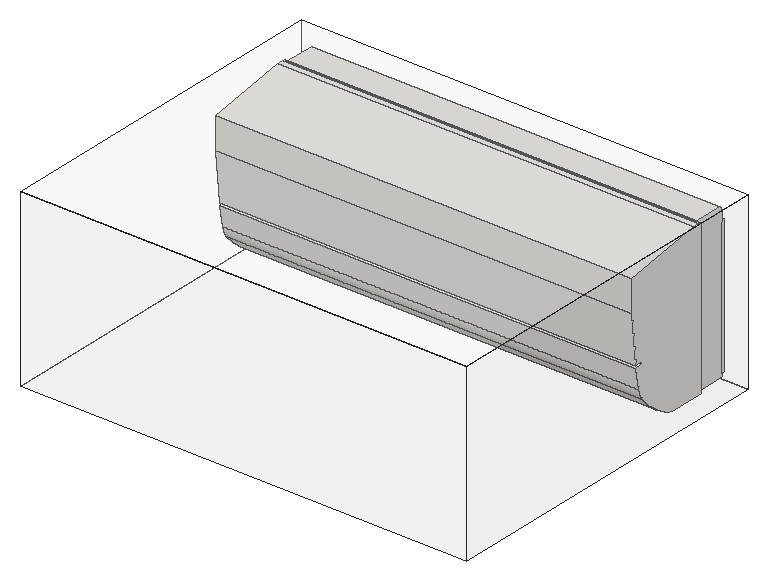
Revit family "msz-gv22_5626_60hz", category 機械設備, Revit 2023
Family settings
  丸型コネクタ寸法 = 直径を使用
  パーツ タイプ = 標準
  OmniClass 番号 = 23.75.10.24.21.27.27
  OmniClass タイトル = Split System Air Conditioning Units
  作業面ベース = いいえ
  常に垂直 = はい
  ロード時にボイドで切り取り = いいえ
  注釈の向きを維持 = いいえ
  共有 = いいえ
  部屋計算ポイント = いいえ
Parameters (values of type "MSZ-GV2226-T-IN")
  風量 = MAX風量  # 635.0 m³/h
  音響パワーレベル(dB) = if([運転音(強冷房)  db] > [運転音(強暖房)  db], [運転音(強冷房)  db], [運転音(強暖房)  db])  # 64
  電源種別 = ""
  電圧_電気ヒーター = 0 V
  電圧 = 100 V
  電動機出力_送風機 = 28.00 W
  運転音(強暖房)  db = 64
  運転音(強冷房)  db = 62
  運転音(弱暖房)  db = 43
  運転音(静冷房)  db = 41
  運転音(弱冷房)  db = 43
  運転音(中暖房)  db = 50
  運転音(中冷房)  db = 51
  運転質量 = 0.00 kg
  連動 = ""
  質量 = if(製品質量 > 運転質量, 製品質量, 運転質量) * 1.2  # 9.60 kg
  負荷分類 = 1 熱源類
  説明 = "ルームエアコン(霧ヶ峰) GVシリーズ　室内ユニット"
  設計暖房能力 [instance] = 0.00 kW
  設計冷房能力_顕熱 [instance] = 0 kW
  設計冷房能力 [instance] = 0 kW
  設置方法 = "壁掛形"
  記号 [instance] = ""
  製造元 = "三菱電機株式会社"
  製品質量 = 8.00 kg
  製品出荷対象 = "国内"
  製品リリース年月 = "2026/02/13"
  製品グループ = ""
  系統 [instance] = ""
  符号 = "ACR-WR"
  積算_科目 = "1 空気調和設備"
  積算_拾い区分 [instance] = ""
  相_電気ヒーター = 1
  相 = 1
  盤記号 [instance] = ""
  発停方法 = "付属リモコン"
  特殊仕様 [instance] = ""
  火災停止 = ""
  消費電力_暖房 = 470.00 W
  消費電力_冷房 = 655.00 W
  消費電力 = 655.00 W
  法定耐用年数 = "6"
  構成品番 = ""
  極数 = 3
  材質 = ""
  本体マテリアル = Paint(Ivory)
  暖房能力 = 2.20 kW
  暖房 風量 = 635.0 m³/h
  既定の高さ = 0 mm
  形式 = "壁掛（露出）形"
  幹線記号 = ""
  始動方式 = "インバータ"
  呼称 = "パッケージ形空気調和機_室内機"
  周波数 = 60 Hz
  台数_手元リモコン = ""
  参照している仕様書等のバージョン = "公共建築物標準仕様書（機械設備工事編）平成31年度版"
  加湿給水管径 = 0.00 mm
  分類コード = "50053004203070"
  分類グループ = "設備"
  冷房能力 = 2.2 kW
  冷房 風量 = 635.0 m³/h
  冷媒高低圧ガス管径 = 0.00 mm
  冷媒管径符号 = "Ab"
  冷媒管径 = 100.00 mm
  冷媒液管高さ = 126 mm
  冷媒液管長さ = 85 mm
  冷媒液管径 = 6.35 mm
  冷媒ガス管高さ = 126 mm
  冷媒ガス管長さ = 86 mm
  冷媒ガス管径 = 9.52 mm
  企業コード = "108420"
  付属品 [instance] = ""
  モデル = "MSZ-GV2226-T-IN"
  ドレン管高さ = 190 mm
  ドレン管径 = 16.00 mm
  サービススペース = yes
  コメント [instance] = ""
  【値が 0 の項目は組合せ形名にてご確認ください】 = ""
  Width = 799 mm
  Version = ""
  Uniclass2015Version = "Systems v1.9"
  Uniclass2015Title = "Split coil remote air cooled condensing units"
  Uniclass2015Code = "Pr_70_65_03_84"
  URL = "https://www.mitsubishielectric.co.jp/ldg/wink/ssl/displayProduct.do?pid=355239&ccd=1040101411"
  SpecificationReference = ""
  SpecificationDescription = ""
  Revision = ""
  ProductInformation = ""
  OmniClassCode = "23-33 17 13 11"
  MAX風量 = 635.0 m³/h
  IfcTypeProduct = ""
  IfcProduct = ""
  IfcExportType = "AIRCONDITIONINGUNIT"
  IfcExportAs = "IfcUnitaryEquipmentType"
  Height = 295 mm
  Depth = 225 mm
  Clearance Top = 33 mm
  Clearance Right = 40 mm
  Clearance Left = 20 mm
  Clearance Front = 445 mm
  Clearance Bottom = 7 mm
  Clearance Back = 0 mm
  BLCJ仕様バージョン = "2.0"
  Author = "三菱電機株式会社"
Types (13, lengths in mm): name | 風量 | 音響パワーレベル(dB) | 電圧 | 電動機出力_送風機 | 運転音(強暖房)  db | 運転音(強冷房)  db | 運転音(弱暖房)  db | 運転音(静冷房)  db | 運転音(弱冷房)  db | 運転音(中暖房)  db | 運転音(中冷房)  db | 質量 | 製品質量 | 消費電力_暖房 | 消費電力_冷房 | 消費電力 | 本体マテリアル | 暖房能力 | 暖房 風量 | 冷房能力 | 冷房 風量 | モデル | URL | MAX風量 | Clearance Front
  (no name) | 635.0 m³/h | 64 | 100 V | 28.00 W | 64 | 62 | 43 | 41 | 43 | 50 | 51 | 9.60 kg | 8.00 kg | 470.00 W | 655.00 W | 655.00 W | Paint(Ivory) | 2.20 kW | 635.0 m³/h | 2.2 kW | 635.0 m³/h | "MSZ-GV2226-T-IN" | "https://www.mitsubishielectric.co.jp/ldg/wink/ssl/displayProduct.do?pid=355239&ccd=1040101411" | 635.0 m³/h | 445
  MSZ-GV2226-W-IN | 635.0 m³/h | 64 | 100 V | 28.00 W | 64 | 62 | 43 | 41 | 43 | 50 | 51 | 9.60 kg | 8.00 kg | 470.00 W | 655.00 W | 655.00 W | none | 2.20 kW | 635.0 m³/h | 2.2 kW | 635.0 m³/h | "MSZ-GV2226-W-IN" | "https://www.mitsubishielectric.co.jp/ldg/wink/ssl/displayProduct.do?pid=355236&ccd=1040101411" | 635.0 m³/h | 445
  MSZ-GV2526-W-IN | 655.0 m³/h | 64 | 100 V | 28.00 W | 64 | 63 | 43 | 41 | 43 | 50 | 51 | 10.80 kg | 9.00 kg | 625.00 W | 745.00 W | 745.00 W | none | 2.80 kW | 655.0 m³/h | 2.5 kW | 635.0 m³/h | "MSZ-GV2526-W-IN" | "https://www.mitsubishielectric.co.jp/ldg/wink/ssl/displayProduct.do?pid=355241&ccd=1040101411" | 655.0 m³/h | 445
  MSZ-GV2826-W-IN | 665.0 m³/h | 64 | 100 V | 28.00 W | 64 | 63 | 43 | 41 | 43 | 50 | 51 | 10.80 kg | 9.00 kg | 910.00 W | 800.00 W | 910.00 W | none | 3.60 kW | 650.0 m³/h | 2.8 kW | 665.0 m³/h | "MSZ-GV2826-W-IN" | "https://www.mitsubishielectric.co.jp/ldg/wink/ssl/displayProduct.do?pid=355246&ccd=1040101411" | 665.0 m³/h | 445
  MSZ-GV3626-W-IN | 670.0 m³/h | 64 | 100 V | 28.00 W | 64 | 64 | 47 | 41 | 47 | 53 | 54 | 10.80 kg | 9.00 kg | 1215.00 W | 1415.00 W | 1415.00 W | none | 4.20 kW | 660.0 m³/h | 3.6 kW | 670.0 m³/h | "MSZ-GV3626-W-IN" | "https://www.mitsubishielectric.co.jp/ldg/wink/ssl/displayProduct.do?pid=355251&ccd=1040101411" | 670.0 m³/h | 445
  MSZ-GV4026S-W-IN | 670.0 m³/h | 66 | 200 V | 40.00 W | 65 | 66 | 47 | 44 | 47 | 54 | 54 | 10.80 kg | 9.00 kg | 1480.00 W | 1660.00 W | 1660.00 W | none | 5.00 kW | 660.0 m³/h | 4 kW | 670.0 m³/h | "MSZ-GV4026S-W-IN" | "https://www.mitsubishielectric.co.jp/ldg/wink/ssl/displayProduct.do?pid=355256&ccd=1040101411" | 670.0 m³/h | 445
  MSZ-GV5626S-W-IN | 785.0 m³/h | 67 | 200 V | 40.00 W | 67 | 66 | 47 | 45 | 47 | 54 | 54 | 10.80 kg | 9.00 kg | 1980.00 W | 2380.00 W | 2380.00 W | none | 6.70 kW | 725.0 m³/h | 5.6 kW | 785.0 m³/h | "MSZ-GV5626S-W-IN" | "https://www.mitsubishielectric.co.jp/ldg/wink/ssl/displayProduct.do?pid=355261&ccd=1040101411" | 785.0 m³/h | 215
  MSZ-GV2226-T-IN | 635.0 m³/h | 64 | 100 V | 28.00 W | 64 | 62 | 43 | 41 | 43 | 50 | 51 | 9.60 kg | 8.00 kg | 470.00 W | 655.00 W | 655.00 W | Paint(Ivory) | 2.20 kW | 635.0 m³/h | 2.2 kW | 635.0 m³/h | "MSZ-GV2226-T-IN" | "https://www.mitsubishielectric.co.jp/ldg/wink/ssl/displayProduct.do?pid=355239&ccd=1040101411" | 635.0 m³/h | 445
  MSZ-GV2526-T-IN | 655.0 m³/h | 64 | 100 V | 28.00 W | 64 | 63 | 43 | 41 | 43 | 50 | 51 | 10.80 kg | 9.00 kg | 625.00 W | 745.00 W | 745.00 W | none | 2.80 kW | 655.0 m³/h | 2.5 kW | 635.0 m³/h | "MSZ-GV2526-T-IN" | "https://www.mitsubishielectric.co.jp/ldg/wink/ssl/displayProduct.do?pid=355244&ccd=1040101411" | 655.0 m³/h | 445
  MSZ-GV2826-T-IN | 665.0 m³/h | 64 | 100 V | 28.00 W | 64 | 63 | 43 | 41 | 43 | 50 | 51 | 10.80 kg | 9.00 kg | 910.00 W | 800.00 W | 910.00 W | none | 3.60 kW | 650.0 m³/h | 2.8 kW | 665.0 m³/h | "MSZ-GV2826-T-IN" | "https://www.mitsubishielectric.co.jp/ldg/wink/ssl/displayProduct.do?pid=355249&ccd=1040101411" | 665.0 m³/h | 445
  MSZ-GV3626-T-IN | 670.0 m³/h | 64 | 100 V | 28.00 W | 64 | 64 | 47 | 41 | 47 | 53 | 54 | 10.80 kg | 9.00 kg | 1215.00 W | 1415.00 W | 1415.00 W | none | 4.20 kW | 660.0 m³/h | 3.6 kW | 670.0 m³/h | "MSZ-GV3626-T-IN" | "https://www.mitsubishielectric.co.jp/ldg/wink/ssl/displayProduct.do?pid=355254&ccd=1040101411" | 670.0 m³/h | 445
  MSZ-GV4026S-T-IN | 670.0 m³/h | 66 | 200 V | 40.00 W | 65 | 66 | 47 | 44 | 47 | 54 | 54 | 10.80 kg | 9.00 kg | 1480.00 W | 1660.00 W | 1660.00 W | none | 5.00 kW | 660.0 m³/h | 4 kW | 670.0 m³/h | "MSZ-GV4026S-T-IN" | "https://www.mitsubishielectric.co.jp/ldg/wink/ssl/displayProduct.do?pid=355259&ccd=1040101411" | 670.0 m³/h | 445
  MSZ-GV5626S-T-IN | 785.0 m³/h | 67 | 200 V | 40.00 W | 67 | 66 | 47 | 45 | 47 | 54 | 54 | 10.80 kg | 9.00 kg | 1980.00 W | 2380.00 W | 2380.00 W | none | 6.70 kW | 725.0 m³/h | 5.6 kW | 785.0 m³/h | "MSZ-GV5626S-T-IN" | "https://www.mitsubishielectric.co.jp/ldg/wink/ssl/displayProduct.do?pid=355264&ccd=1040101411" | 785.0 m³/h | 215
Reference planes
  plane 1 "中心(正面/背面)": y = 222.5
  plane 2: z = 0
  plane 3 "中心(左/右)": x = 0
  plane 4: z = 295
  plane 5: y = 340
  plane 6: y = 110
  plane 7: x = -399.5
  plane 8: x = 399.5
  plane 9: x = -419.5
  plane 10: x = 439.5
  plane 11: y = 340
  plane 12: y = -335
  plane 13: z = 328
  plane 14: z = -7
  plane 15: y = 335
  plane 16: x = 400.5
  plane 17: x = 300
Lines and regions (mm)
  Masking region 1, detail levels coarse+medium
    outline origin (0, 0, 0) x (1, 0, 0) y (0, 1, 0)
      loop
        line (-399.5, 340) -> (-399.5, 110) -> (399.5, 110) -> (399.5, 340) -> (-399.5, 340)
  symbolic lines, detail levels coarse+medium
    curve 1: line (-399.5, 340, 0) -> (399.5, 340, 0)
    curve 2: line (-399.5, 110, 0) -> (-399.5, 340, 0)
    curve 3: line (399.5, 110, 0) -> (-399.5, 110, 0)
    curve 4: line (399.5, 340, 0) -> (399.5, 110, 0)
Dimensions and locks
  equal spacing: plane 7, plane 3 "中心(左/右)", plane 8
  "Width": plane 7 to plane 8
  "Clearance Back": plane 5 to plane 11
  "Clearance Front": plane 12 to plane 6
  "Clearance Right": plane 8 to plane 10
  "Clearance Left": plane 9 to plane 7
  "Height": plane 4 to level
  "Clearance Bottom": level to plane 14
  "Clearance Top": plane 13 to plane 4
  locked: plane 15 to plane 5 at 5
  equal spacing: plane 6, plane 1 "中心(正面/背面)", plane 15
  "Depth": plane 6 to plane 15
  locked: plane 8 to plane 16 at 1
  plane 12 to plane 11 = 675 mm
  aligned and locked: level to plane 2
  aligned and locked: plane 9 to nested 1
  aligned and locked: plane 10 to nested 1
  aligned and locked: plane 12 to nested 1
  aligned and locked: plane 11 to nested 1
  aligned and locked: plane 13 to nested 1
  aligned and locked: plane 3 "中心(左/右)" to nested 2
  aligned and locked: plane 14 to nested 1
  aligned and locked: plane 5 to nested 2
  aligned and locked: Masking region 1 sketch curve to plane 8
  aligned and locked: plane 7 to Masking region 1 sketch curve
  aligned and locked: plane 5 to Masking region 1 sketch curve
  aligned and locked: Masking region 1 sketch curve to plane 6
  aligned and locked: curve 4 to plane 8
  aligned and locked: plane 7 to curve 2
  aligned and locked: curve 3 to plane 6
  aligned and locked: plane 5 to curve 1
Nested families
  nested 1: "サービススペース_MSZ-GV22-5623" at (10, 2.5, 160.5), visible <- "サービススペース", type "サービススペース_MSZ-GV22-5623"
    with Width 859 mm, Height 335 mm, Depth 675 mm
  nested 2: "MSZ-GV○○-○○-IN" at (0, 340, 0), type "MSZ-GV○○-○○-IN"
Connectors
  piping at (300, 340, 55), diameter 100, driven by "冷媒管径", driven by "冷媒管径符号"
    settings: on nested 2, index 1, connector inside diameter 609.60 mm, connector length 0 mm, flow factor 0, pipe flow 0.0 L/s, pressure drop 0.0 Pa, fitting loss kfactor 0, connector angle 0.00°, fixture units 0, engagement length 0 mm, angle of deflection 0.00°, flow configuration 1, flow direction 2, fitting loss method 4, system type 7, joint type 0, gender type 0, connector reference index -1, connector utility 0, adjustable connector no, is connector primary yes, connector description "Ab"
  piping at (300, 340, 25), diameter 16, driven by "ドレン管径"
    settings: on nested 2, index 2, connector inside diameter 609.60 mm, connector length 0 mm, flow factor 0, pipe flow 0.0 L/s, pressure drop 0.0 Pa, fitting loss kfactor 0, connector angle 0.00°, fixture units 0, engagement length 0 mm, angle of deflection 0.00°, flow configuration 1, flow direction 2, fitting loss method 4, system type 16, joint type 0, gender type 0, connector reference index -1, connector utility 0, adjustable connector no, is connector primary no, connector description ""
  electrical at (350, 170, 215), driven by "極数", driven by "負荷分類", driven by "電圧", driven by "消費電力"
    settings: on nested 2, index 5, voltage 100 V, apparent load 655 VA, apparent load phase1 0 VA, apparent load phase2 0 VA, apparent load phase3 0 VA, power factor 1, load classification "1 熱源類", number of poles 3, system type 30, power factor state 1, is connector primary yes, connector utility no, sub classification motor no, connector description ""
Definition of nested family "サービススペース_MSZ-GV22-5623"
  Parameters (values of type "サービススペース")
    Default Elevation = 0 mm
    Width [instance] = 500 mm
    Height [instance] = 500 mm
    Depth [instance] = 500 mm
  Reference planes
    plane 1 "中心(正面/背面)": y = 0
    plane 2: z = 0
    plane 3 "中心(左/右)": x = 0
    plane 4: y = -250
    plane 5: x = 250
    plane 6: y = 250
    plane 7: x = -250
    plane 8: z = 250
    plane 9: z = -250
  Forms (mm)
    Extrusion 1, solid
      sketch origin (-638.939, 0, 72.39) x (1, 0, 0) y (0, 1, 0)
        loop
          line (388.939, 250) -> (388.939, -250) -> (888.939, -250) -> (888.939, 250) -> (388.939, 250)
      from -322.39 to 177.61
  Lines and regions (mm)
    symbolic lines
      curve 1: line (-250, 0, 250) -> (250, 0, 250)
      curve 2: line (-250, 0, -250) -> (-250, 0, 250)
      curve 3: line (250, 0, -250) -> (-250, 0, -250)
      curve 4: line (250, 0, 250) -> (250, 0, -250)
      curve 5: line (0, -250, 250) -> (0, 250, 250)
      curve 6: line (0, -250, -250) -> (0, -250, 250)
      curve 7: line (0, 250, -250) -> (0, -250, -250)
      curve 8: line (0, 250, 250) -> (0, 250, -250)
      curve 9: line (-250, 250, 0) -> (250, 250, 0)
      curve 10: line (-250, -250, 0) -> (-250, 250, 0)
      curve 11: line (250, -250, 0) -> (-250, -250, 0)
      curve 12: line (250, 250, 0) -> (250, -250, 0)
  Dimensions and locks
    equal spacing: plane 7, plane 3 "中心(左/右)", plane 5
    equal spacing: plane 4, plane 1 "中心(正面/背面)", plane 6
    "Depth": plane 4 to plane 6
    "Width": plane 7 to plane 5
    equal spacing: plane 8, plane 2, plane 9
    "Height": plane 8 to plane 9
    aligned and locked: plane 9 to curve 3
    aligned and locked: plane 7 to curve 2
    aligned and locked: curve 4 to plane 5
    aligned and locked: plane 5 to Extrusion 1
    aligned and locked: Extrusion 1 to plane 7
    aligned and locked: Extrusion 1 to plane 9
    aligned and locked: plane 8 to Extrusion 1
    aligned and locked: plane 9 to curve 7
  Automatic sketch dimensions
    plane 4 to Extrusion 1 sketch curve = 0 mm
    Extrusion 1 sketch curve to plane 7 = 0 mm
    Extrusion 1 sketch curve to plane 5 = 0 mm
    plane 6 to Extrusion 1 sketch curve = 0 mm
    curve 2 to plane 8 = 0 mm
    plane 4 to curve 11 = 0 mm
    curve 11 to plane 7 = 0 mm
    curve 11 to plane 5 = 0 mm
    plane 6 to curve 10 = 0 mm
    curve 7 to plane 4 = 0 mm
    curve 7 to plane 6 = 0 mm
    curve 6 to plane 8 = 0 mm
Definition of nested family "MSZ-GV○○-○○-IN"
  Parameters (values of type "MSZ-GV○○-○○-IN")
    配線取出口サイズ = 26 mm
    配線取出口-Z = 0 mm
    配線取出口-Y = 0 mm
    配線取出口-X = 0 mm
    表示 [instance] = yes
    液配管サイズ = 100 mm
    Default Elevation = 0 mm
    H = 295 mm
    D = 225 mm
    吊りボルト_H = 230 mm
    冷媒配管サイズ = 6.35 mm
    冷媒液管径-Z = 0 mm
    冷媒液管径-Y = 0 mm
    冷媒液管径-X = 0 mm
    冷媒ガス管径-Z = 0 mm
    冷媒ガス管径-Y = 0 mm
    冷媒ガス管径-X = 0 mm
    吊りボルト-W = 300 mm
    マテリアル = none
    ドレン配管サイズ = 16 mm
    ドレン管径-Z = 0 mm
    ドレン管径-Y = 0 mm
    ドレン管径-X = 0 mm
    ガス配管サイズ = 9.52 mm
    吊りボルト-D = 200 mm
    W = 799 mm
  Reference planes
    plane 1 "中心(正面/背面)": y = 0
    plane 2: z = 0
    plane 3 "中心(左/右)": x = 0
    plane 4: z = 295
    plane 5: x = -399.5
    plane 6: x = 399.5
    plane 7: y = -230
    plane 8: y = -5
    plane 9: x = 392.5
    plane 10: x = -392.5
    plane 11: y = -23
    plane 12: z = 25
    plane 13: z = 45
    plane 14: z = 65
    plane 15: z = 55
    plane 16: x = 350
    plane 17: x = 393.5
    plane 18: y = -170
    plane 19: z = 215
    plane 20: y = -171
  Forms (mm)
    Extrusion 1, solid, material <- "マテリアル", visible <- "表示", detail levels fine
      sketch origin (399.5, 1296.25, 1200) x (0, 1, 0) y (0, 0, 1)
        loop
          line (-1361.25, -905) -> (-1366.084, -905)
          arc (-1366.084, -905) -> (-1371.503, -905.1) -> (-1376.915, -905.401) r 146.284
          arc (-1376.915, -905.401) -> (-1452.131, -914.37) -> (-1526.25, -930) r 850.001
          line (-1526.25, -930) -> (-1526.25, -989.75)
          arc (-1526.25, -989.75) -> (-1523.968, -1036.991) -> (-1517.141, -1083.791) r 490
          line (-1517.141, -1083.791) -> (-1502.319, -1081.522) -> (-1501.562, -1086.464) -> (-1516.32, -1088.918) -> (-1509.396, -1127.328)
          arc (-1509.396, -1127.328) -> (-1505.888, -1138.744) -> (-1499.774, -1149.003) r 50
          arc (-1499.774, -1149.003) -> (-1475.445, -1174.399) -> (-1446.288, -1194.065) r 165.075
          arc (-1446.288, -1194.065) -> (-1437.659, -1197.419) -> (-1428.49, -1198.699) r 40
          line (-1428.49, -1198.699) -> (-1371.251, -1200) -> (-1361.25, -1200) -> (-1361.25, -905)
      from -799 to 0
    Extrusion 2, solid, material <- "マテリアル", visible <- "表示", detail levels fine
      sketch origin (399.5, 1296.25, 1200) x (0, 1, 0) y (0, 0, 1)
        loop
          line (-1361.25, -1200) -> (-1301.25, -1200) -> (-1301.25, -911.805) -> (-1305.18, -905) -> (-1361.25, -905) -> (-1361.25, -1200)
      from -792 to -7
    Extrusion 3, solid, material <- "マテリアル", visible <- "表示", detail levels fine
      sketch origin (399.5, 1296.25, 1200) x (0, 1, 0) y (0, 0, 1)
        loop
          line (-1301.25, -1192) -> (-1296.25, -1192) -> (-1296.25, -930) -> (-1301.25, -930) -> (-1301.25, -1192)
      from -792 to -7
    Extrusion 4, solid, material <- "マテリアル", visible <- "表示", detail levels fine
      sketch origin (-1019.25, 6, 1200) x (-1, 0, 0) y (0, 0, 1)
        loop
          circle (-1319.25, -1175) r 8
      from -7 to -6
    Extrusion 5, solid, material <- "マテリアル", visible <- "表示", detail levels fine
      sketch origin (-1019.25, 6, 1200) x (-1, 0, 0) y (0, 0, 1)
        loop
          circle (-1319.25, -1155) r 3.175
      from -7 to -6
    Extrusion 6, solid, material <- "マテリアル", visible <- "表示", detail levels fine
      sketch origin (-1019.25, 6, 1200) x (-1, 0, 0) y (0, 0, 1)
        loop
          circle (-1319.25, -1135) r 4.76
      from -7 to -6
    Extrusion 7, solid, material <- "マテリアル", visible <- "表示", detail levels fine
      sketch origin (-1019.25, 6, 1200) x (-1, 0, 0) y (0, 0, 1)
        loop
          circle (-1319.25, -1145) r 15
      from -7 to -6
    Extrusion 8, solid, material <- "マテリアル", visible <- "表示", detail levels fine
      sketch origin (0, 0, 0) x (1, 0, 0) y (0, 0, 1)
        loop
          line (349, 216) -> (349, 214) -> (351, 214) -> (351, 216) -> (349, 216)
      from 170 to 171
  Dimensions and locks
    equal spacing: plane 5, plane 3 "中心(左/右)", plane 6
    "W": plane 5 to plane 6
    "H": plane 4 to level
    locked: plane 8 to plane 1 "中心(正面/背面)" at 5
    "D": plane 7 to plane 8
    locked: plane 5 to plane 10 at 7
    locked: plane 9 to plane 6 at 7
    plane 11 to plane 8 = 18 mm
    plane 12 to level = 25 mm
    plane 13 to level = 45 mm
    plane 14 to level = 65 mm
    equal spacing: plane 14, plane 15, plane 13
    locked: plane 9 to plane 17 at 1
    plane 3 "中心(左/右)" to plane 16 = 350 mm
    plane 18 to plane 1 "中心(正面/背面)" = 170 mm
    plane 4 to plane 19 = 80 mm
    locked: plane 20 to plane 18 at 1
    "ドレン配管サイズ": diameter of Extrusion 4 sketch curve
    "冷媒配管サイズ": diameter of Extrusion 5 sketch curve
    "ガス配管サイズ": diameter of Extrusion 6 sketch curve
    aligned and locked: level to plane 2
    aligned and locked: Extrusion 1 sketch curve to plane 7
    aligned and locked: Extrusion 1 sketch curve to level
    aligned and locked: Extrusion 1 sketch curve to plane 4
    aligned and locked: Extrusion 1 to plane 5
    aligned and locked: plane 6 to Extrusion 1
    aligned and locked: Extrusion 2 sketch curve to plane 8
    aligned and locked: Extrusion 2 sketch curve to level
    aligned and locked: Extrusion 2 sketch curve to plane 4
    aligned and locked: Extrusion 2 to plane 10
    aligned and locked: plane 9 to Extrusion 2
    aligned and locked: Extrusion 3 sketch curve to plane 8
    aligned and locked: Extrusion 3 sketch curve to plane 1 "中心(正面/背面)"
    aligned and locked: Extrusion 3 to plane 10
    aligned and locked: plane 9 to Extrusion 3
    aligned and locked: plane 12 to Extrusion 4 sketch curve
    aligned and locked: plane 13 to Extrusion 5 sketch curve
    aligned and locked: plane 14 to Extrusion 6 sketch curve
    aligned and locked: plane 15 to Extrusion 7 sketch curve
    aligned and locked: plane 20 to Extrusion 8
    aligned and locked: Extrusion 8 to plane 18
  Automatic sketch dimensions
    Extrusion 8 sketch curve to plane 16 = 1 mm
    plane 19 to Extrusion 8 sketch curve = 1 mm
    Extrusion 8 sketch curve to plane 19 = 1 mm
    plane 16 to Extrusion 8 sketch curve = 1 mm
    Extrusion 1 sketch curve to plane 7 = 9.109 mm
    Extrusion 1 sketch curve to Extrusion 1 sketch curve = 0.821 mm
    plane 14 to Extrusion 1 sketch curve = 7.672 mm
    Extrusion 1 sketch curve to plane 7 = 16.855 mm
    Extrusion 1 sketch curve to Extrusion 1 sketch curve = 14.823 mm
    Extrusion 1 sketch curve to Extrusion 1 sketch curve = 0.757 mm
    Extrusion 1 sketch curve to plane 18 = 6.061 mm
    level to Extrusion 1 sketch curve = 1.301 mm
    Extrusion 1 sketch curve to plane 18 = 37.761 mm
    Extrusion 1 sketch curve to plane 13 = 3.709 mm
    Extrusion 1 sketch curve to Extrusion 1 sketch curve = 0.909 mm
    plane 11 to Extrusion 1 sketch curve = 49.834 mm
    plane 11 to Extrusion 1 sketch curve = 46.833 mm
    Extrusion 1 sketch curve to Extrusion 1 sketch curve = 10.001 mm
    Extrusion 1 sketch curve to plane 11 = 5.269 mm
    Extrusion 1 sketch curve to plane 19 = 4.75 mm
    Extrusion 1 sketch curve to plane 1 "中心(正面/背面)" = 260 mm
    Extrusion 1 sketch curve to level = 553.069 mm
    Extrusion 1 sketch curve to Extrusion 1 sketch curve = 8.871 mm
    Extrusion 1 sketch curve to Extrusion 1 sketch curve = 2.454 mm
    Extrusion 1 sketch curve to Extrusion 1 sketch curve = 4.942 mm
    Extrusion 1 sketch curve to plane 19 = 66.284 mm
    Extrusion 1 sketch curve to Extrusion 1 sketch curve = 3.128 mm
    Extrusion 1 sketch curve to plane 4 = 25 mm
    Extrusion 1 sketch curve to Extrusion 1 sketch curve = 0 mm
    plane 8 to Extrusion 2 sketch curve = 3.929 mm
    plane 11 to Extrusion 2 sketch curve = 42 mm
    Extrusion 2 sketch curve to plane 4 = 6.805 mm
    level to Extrusion 3 sketch curve = 8 mm
    Extrusion 3 sketch curve to plane 4 = 25 mm
    Extrusion 7 sketch curve to plane 16 = 50 mm
    Extrusion 4 sketch curve to plane 16 = 50 mm
    Extrusion 5 sketch curve to plane 16 = 50 mm
    Extrusion 6 sketch curve to plane 16 = 50 mm
    radius of Extrusion 7 sketch curve = 15 mm
